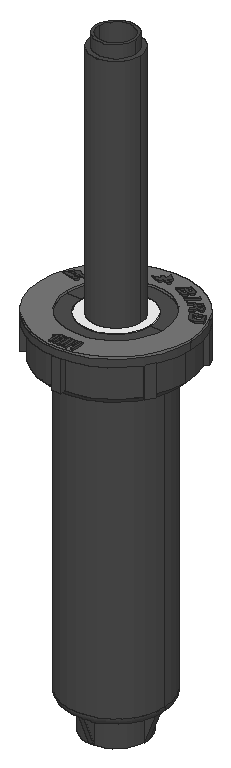
Revit family "Spray Bodies RD1800-S-P-45-F Series", category Acessórios do tubo, Revit 2020
Family settings
  Cota do conector redondo = Utilizar diâmetro
  Tipo de parte = Normal
  Número OmniClass = 23.60.30.11.14
  Título OmniClass = Pipework Fittings
  Com base no plano de trabalho = Não
  Sempre na vertical = Sim
  Corte com vazios quando carregada = Não
  Compartilhado = Não
Parameters (values of type "RD1804-S-P-45-F")
  White Plastic = White Plastic
  URL = "https://www.rainbird.com/"
  SupportProjetos: Reviw Date = "15/11/2020"  # constant formula
  SupportProjetos: Reviw = "R01"  # constant formula
  SupportProjetos: Level of Detail = "LOD 300"  # constant formula
  SupportProjetos: Developed = "MICHEL SOARES MOTA"  # constant formula
  SupportProjetos: Creation Date = "13/07/2020"  # constant formula
  Side inlet = Model > 1805  # no
  RainBird: Product Link = "https://store.rainbird.com/sprinklers/spray-heads.html?sprays_sprayheadseries=117"
  RainBird: Description = "Spray Bodies Serie RD1800 - Model RD1804-S-P-45-F"
  RainBird: Comment [instance] = ""
  RT = 0.3015 cm
  RN = 1 cm
  R5 = 1 cm
  R4 = 1.25 cm
  R3 = 2 cm
  R2 = 2.85 cm
  R1 = 1 cm
  R-VAN = yes
  Pop up height = 10.2 cm
  Pop up on [instance] = yes
  Modelo = "RD1804-S-P-45-F"
  Model = 1804
  H1 = Body height / 3  # 5.0667 cm
  Elevação padrão = 0 cm
  Descrição = RainBird: Description  # "Spray Bodies Serie RD1800 - Model RD1804-S-P-45-F"
  DT8 = 0.08 cm
  DT7 = 3.05 cm
  DT6 = 2 cm
  DT5 = 0.12 cm
  DT4 = 0.5 cm
  DT3 = 0.7973 cm
  DT2 = 1 cm
  DT1 = 1.4 cm
  DD9 = 1.3673 cm
  DD8 [instance] = if(Pop up on, Pop up height, 0 cm)  # 10.2 cm
  DD7 = 0.6 cm
  DD6 = 0.3 cm
  DD5 = 0.2 cm
  DD3 = 1.8 cm
  DD2 = 0.5 cm
  DD13 = 1.5 cm
  DD12 [instance] = if(Pop up on, Pop up height + 1.51 cm, 0 cm)  # 11.71 cm
  DD11 = 0.2 cm
  DD10 = 2.7818 cm
  DD1 = 1.2 cm
  Conection = 1.91 cm  # constant formula
  Body height = 15.2 cm
  Black Plastic 2 = Black Plastic 2
  Black Plastic = Black Plastic
  Arch Angle [instance] = 180.00°
  AA1 = 135.00°
  1812 = no
  1806 = no
  1804 = yes
  180 = yes
Types (4, lengths in cm): name | Side inlet | RainBird: Description | Pop up height | Modelo | Model | H1 | Descrição | DD9 | DD8 | DD12 | DD11 | DD10 | Body height | 1812 | 1806 | 1804 | 180
  (no name) | no | "Spray Bodies Serie RD1800 - Model RD1804-S-P-45-F" | 10.2 | "RD1804-S-P-45-F" | 1804 | 5.0667 | "Spray Bodies Serie RD1800 - Model RD1804-S-P-45-F" | 1.3673 | 10.2 | 11.71 | 0.2 | 2.7818 | 15.2 | no | no | yes | yes
  RD1804-S-P-45-F | no | "Spray Bodies Serie RD1800 - Model RD1804-S-P-45-F" | 10.2 | "RD1804-S-P-45-F" | 1804 | 5.0667 | "Spray Bodies Serie RD1800 - Model RD1804-S-P-45-F" | 1.3673 | 10.2 | 11.71 | 0.2 | 2.7818 | 15.2 | no | no | yes | yes
  RD1806-S-P45-F | yes | "Spray Bodies Serie RD1800 - Model RD1806-S-P-45-F" | 15.2 | "RD1806-S-P-45-F" | 1806 | 7.9333 | "Spray Bodies Serie RD1800 - Model RD1806-S-P-45-F" | 1.3673 | 15.2 | 16.71 | 0.1 | 2.7818 | 23.8 | no | yes | no | yes
  RD1812-S-P-45-F | yes | "Spray Bodies Serie ED1800 - Model RD1812-S-P-45-F" | 30.5 | "RD1812-S-P-P45-F" | 1812 | 13.5333 | "Spray Bodies Serie ED1800 - Model RD1812-S-P-45-F" | 2 | 30.5 | 32.01 | 0.6254 | 2.5 | 40.6 | yes | no | no | no
Reference planes (cm)
  plane 1 "Centro (Frente/Trás)": y = 0
  plane 2: z = 0
  plane 3 "Centro (Esquerda/Direita)": x = 0
  plane 4: z = 0.12
  plane 5: z = 0.08
  plane 6: y = -2
Forms (cm)
  Revolve 1, solid, material "Black Plastic" <- "Black Plastic"
    sketch origin (0, 0, 0) x (1, 0, 0) y (0, 0, 1)
      loop
        line (2.85, -1.5672) -> (2.85, -0.3) -> (3.05, -0.3) -> (3.05, 0) -> (1.4, 0) -> (1.4, -1) -> (1, -1) -> (1, -10.2) -> (0.6, -10.2) -> (0.6, -14) -> (1, -14) -> (1, -15.2) -> (1.25, -15.2) -> (1.25, -14) -> (1.6985, -14)
        arc (1.6985, -14) -> (1.9117, -13.9117) -> (2, -13.6985) r 0.3015
        line (2, -13.6985) -> (2, -2.1015)
        arc (2, -2.1015) -> (2.0883, -1.8883) -> (2.3015, -1.8) r 0.3015
        line (2.3015, -1.8) -> (2.6172, -1.8) -> (2.85, -1.5672)
      axis (0, -15.2) -> (0, 0)
    angle from 0 to 360
  Extrusion 2, solid, material "Black Plastic" <- "Black Plastic"
    sketch origin (0, 0, 0) x (1, 0, 0) y (0, 1, 0)
      loop
        circle (0, 0) r 1
    from -10.2 to 10.2
  Extrusion 3, void
    sketch origin (0, 0, 0) x (1, 0, 0) y (0, 1, 0)
      loop
        circle (0, 0) r 1
      loop
        circle (0, 0) r 0.7973
    from 9.7 to 10.2
  Extrusion 4, solid, material "Black Plastic" <- "Black Plastic", visible <- "180"
    sketch origin (0, -2.5, 0) x (1, 0, 0) y (0, 1, 0)
      loop
        line (-2.231, 3.2135) -> (-2.1644, 3.3339) -> (-2.3679, 3.3844) -> (-2.2992, 3.5085) -> (-2.0365, 3.4904) -> (-1.9715, 3.608) -> (-2.2887, 3.6298) -> (-2.4263, 3.706) -> (-2.6398, 3.6445) -> (-2.8298, 3.3622) -> (-2.231, 3.2135)
      loop
        line (-2.6663, 3.4585) -> (-2.4339, 3.4008) -> (-2.3526, 3.5478) -> (-2.4178, 3.6107) -> (-2.5587, 3.5701) -> (-2.6663, 3.4585)
      loop
        line (-1.9163, 3.7039) -> (-1.8175, 3.8064) -> (-1.8808, 3.8933) -> (-1.7232, 4.0568) -> (-1.6371, 4.0092) -> (-1.5763, 4.1193) -> (-2.1283, 4.1963) -> (-2.2118, 4.1098) -> (-1.9163, 3.7039)
      loop
        line (-2.0723, 4.0915) -> (-1.9537, 3.9286) -> (-1.8139, 4.0736) -> (-2.0723, 4.0915)
      loop
        line (-1.8177, 4.5186) -> (-1.3486, 4.2146) -> (-1.2727, 4.2934) -> (-1.7417, 4.5974) -> (-1.8177, 4.5186)
      loop
        line (-1.1151, 4.372) -> (-1.0305, 4.4599) -> (-1.2636, 4.6846) -> (-0.7593, 4.6142) -> (-0.6667, 4.7103) -> (-1.0803, 5.0567) -> (-1.1605, 4.9984) -> (-0.8466, 4.7354) -> (-1.4131, 4.8145) -> (-1.5049, 4.7477) -> (-1.1151, 4.372)
      loop
        line (-0.4562, 4.9237) -> (-0.283, 4.8466) -> (-0.0843, 4.7934) -> (0, 4.9138) -> (0.2358, 4.8722) -> (0.2981, 4.9345) -> (0.116, 5.0156) -> (0.2085, 5.1477) -> (-0.0336, 5.3172) -> (-0.0336, 5.1849) -> (-0.0336, 5.0821) -> (-0.1724, 5.1439) -> (-0.2428, 5.1033) -> (-0.1476, 5.0081) -> (-0.274, 4.9621) -> (-0.4562, 4.9237)
      loop
        line (0.6147, 4.7728) -> (0.9327, 4.5929) -> (1.0885, 4.5721) -> (1.1808, 4.6694) -> (1.1317, 4.7723) -> (1.2619, 4.7549) -> (1.334, 4.8309) -> (1.2754, 4.9539) -> (0.9573, 5.1338) -> (0.6147, 4.7728)
      loop
        line (0.8462, 4.8897) -> (0.7501, 4.7884) -> (0.9556, 4.6722) -> (1.0744, 4.6732) -> (1.0734, 4.7801) -> (0.8462, 4.8897)
      loop
        line (0.9989, 5.0507) -> (0.9222, 4.9699) -> (1.1173, 4.8595) -> (1.2037, 4.8602) -> (1.1883, 4.9435) -> (0.9989, 5.0507)
      loop
        line (1.2199, 4.4305) -> (1.3171, 4.3754) -> (1.7079, 4.7092) -> (1.6106, 4.7642) -> (1.2199, 4.4305)
      loop
        line (1.9335, 4.5079) -> (1.472, 4.2878) -> (1.5637, 4.2008) -> (1.7245, 4.2775) -> (1.8813, 4.1484) -> (1.7689, 4.0299) -> (1.857, 3.9063) -> (1.985, 3.9976) -> (2.0031, 4.1334) -> (2.1114, 4.0951) -> (2.2369, 4.155) -> (2.156, 4.3246) -> (1.9335, 4.5079)
      loop
        line (1.9261, 4.4053) -> (1.8225, 4.3559) -> (1.9436, 4.2141) -> (2.1112, 4.2155) -> (2.0556, 4.3321) -> (1.9261, 4.4053)
      loop
        line (1.9557, 3.8215) -> (2.1968, 3.4836) -> (2.3925, 3.4143) -> (2.7137, 3.5675) -> (2.6804, 3.6964) -> (2.4921, 3.9603) -> (1.9557, 3.8215)
      loop
        line (2.1302, 3.7523) -> (2.2577, 3.5736) -> (2.4889, 3.5756) -> (2.5959, 3.652) -> (2.4629, 3.8384) -> (2.1302, 3.7523)
      loop
        line (-0.516, -0.0627) -> (-0.4245, -0.0627) -> (-0.4245, -0.3834) -> (-0.3366, -0.3834) -> (-0.3366, 0.1166) -> (-0.516, -0.0627)
      loop
        line (-0.2745, 0.1165) -> (-0.2745, -0.3834) -> (-0.0345, -0.3834) -> (-0.0345, 0.1165) -> (-0.2745, 0.1165)
      loop
        line (-0.1945, 0.0365) -> (-0.1945, -0.0861) -> (-0.1145, -0.0861) -> (-0.1145, 0.0365) -> (-0.1945, 0.0365)
      loop
        line (-0.1945, -0.1661) -> (-0.1945, -0.3034) -> (-0.1145, -0.3034) -> (-0.1145, -0.1661) -> (-0.1945, -0.1661)
      loop
        line (0.0395, 0.1165) -> (0.0395, -0.3834) -> (0.2795, -0.3834) -> (0.2795, 0.1165) -> (0.0395, 0.1165)
      loop
        line (0.1195, 0.0365) -> (0.1195, -0.3034) -> (0.1995, -0.3034) -> (0.1995, 0.0365) -> (0.1195, 0.0365)
    from 0 to 0.12
  Extrusion 5, solid, material "Black Plastic 2" <- "Black Plastic 2"
    sketch origin (0, 0, 0) x (1, 0, 0) y (0, 1, 0)
      loop
        circle (0, 0) r 3.05
      loop
        circle (0, 0) r 2
    from 0 to 0.08
  Extrusion 6, solid, material "Black Plastic" <- "Black Plastic", visible <- "Side inlet"
    sketch origin (0, 0, 0) x (1, 0, 0) y (0, 0, 1)
      loop
        circle (0, -5.0667) r 1
    from 2 to 3.3673
  Extrusion 7, solid, material "Black Plastic" <- "Black Plastic", visible <- "Side inlet"
    sketch origin (0, 0, 0) x (1, 0, 0) y (0, 0, 1)
      loop
        circle (0, -5.0667) r 0.7964
    from 3.3673 to 3.8673
  Extrusion 8, void
    sketch origin (0, 0, 0) x (1, 0, 0) y (0, 1, 0)
      loop
        circle (0, 0) r 0.6963
    from -10.2 to 10.2
  Extrusion 9, solid, material "Black Plastic" <- "Black Plastic"
    sketch origin (0, 0, 0) x (0, 1, 0) y (0, 0, 1)
      loop
        line (1.25, -14) -> (1.25, -15.2) -> (1.75, -14) -> (1.25, -14)
      loop
        line (-1.25, -14) -> (-1.75, -14) -> (-1.25, -15.2) -> (-1.25, -14)
    from -0.1 to 0.1
  Extrusion 10, solid, material "Black Plastic" <- "Black Plastic"
    sketch origin (0, 0, 0) x (-1, 0, 0) y (0, 0, 1)
      loop
        line (1.25, -14) -> (1.25, -15.2) -> (1.75, -14) -> (1.25, -14)
      loop
        line (-1.25, -14) -> (-1.75, -14) -> (-1.25, -15.2) -> (-1.25, -14)
    from -0.1 to 0.1
  Extrusion 11, solid, material "Black Plastic" <- "Black Plastic", visible <- "1804"
    sketch origin (0.5778, -2.5, 0) x (1, 0, 0) y (0, 1, 0)
      loop
        line (-0.268, -0.156) -> (-0.108, -0.156) -> (-0.108, -0.3834) -> (-0.024, -0.3834) -> (-0.024, 0.1165) -> (-0.108, 0.1165) -> (-0.108, -0.0861) -> (-0.188, -0.0861) -> (-0.188, 0.1165) -> (-0.268, 0.1165) -> (-0.268, -0.156)
    from 0 to 0.12
  Extrusion 12, solid, material "Black Plastic" <- "Black Plastic", visible <- "1806"
    sketch origin (0.5778, -2.5, 0) x (1, 0, 0) y (0, 1, 0)
      loop
        line (-0.268, -0.3834) -> (-0.024, -0.3834) -> (-0.024, -0.0861) -> (-0.188, -0.0861) -> (-0.188, 0.0365) -> (-0.024, 0.0365) -> (-0.024, 0.1165) -> (-0.268, 0.1165) -> (-0.268, -0.3834)
      loop
        line (-0.188, -0.1661) -> (-0.188, -0.3034) -> (-0.108, -0.3034) -> (-0.108, -0.1661) -> (-0.188, -0.1661)
    from 0 to 0.12
  Extrusion 13, solid, material "Black Plastic" <- "Black Plastic", visible <- "1812"
    sketch origin (0, -2.5, 0) x (1, 0, 0) y (0, 1, 0)
      loop
        line (-2.231, 3.2135) -> (-2.1644, 3.3339) -> (-2.3679, 3.3844) -> (-2.2992, 3.5085) -> (-2.0365, 3.4904) -> (-1.9715, 3.608) -> (-2.2887, 3.6298) -> (-2.4263, 3.706) -> (-2.6398, 3.6445) -> (-2.8298, 3.3622) -> (-2.231, 3.2135)
      loop
        line (-2.6663, 3.4585) -> (-2.4339, 3.4008) -> (-2.3526, 3.5478) -> (-2.4178, 3.6107) -> (-2.5587, 3.5701) -> (-2.6663, 3.4585)
      loop
        line (-1.9163, 3.7039) -> (-1.8175, 3.8064) -> (-1.8808, 3.8933) -> (-1.7232, 4.0568) -> (-1.6371, 4.0092) -> (-1.5763, 4.1193) -> (-2.1283, 4.1963) -> (-2.2118, 4.1098) -> (-1.9163, 3.7039)
      loop
        line (-2.0723, 4.0915) -> (-1.9537, 3.9286) -> (-1.8139, 4.0736) -> (-2.0723, 4.0915)
      loop
        line (-1.8177, 4.5186) -> (-1.3486, 4.2146) -> (-1.2727, 4.2934) -> (-1.7417, 4.5974) -> (-1.8177, 4.5186)
      loop
        line (-1.1151, 4.372) -> (-1.0305, 4.4599) -> (-1.2636, 4.6846) -> (-0.7593, 4.6142) -> (-0.6667, 4.7103) -> (-1.0803, 5.0567) -> (-1.1605, 4.9984) -> (-0.8466, 4.7354) -> (-1.4131, 4.8145) -> (-1.5049, 4.7477) -> (-1.1151, 4.372)
      loop
        line (-0.4562, 4.9237) -> (-0.283, 4.8466) -> (-0.0843, 4.7934) -> (0, 4.9138) -> (0.2358, 4.8722) -> (0.2981, 4.9345) -> (0.116, 5.0156) -> (0.2085, 5.1477) -> (-0.0336, 5.3172) -> (-0.0336, 5.1849) -> (-0.0336, 5.0821) -> (-0.1724, 5.1439) -> (-0.2428, 5.1033) -> (-0.1476, 5.0081) -> (-0.274, 4.9621) -> (-0.4562, 4.9237)
      loop
        line (0.6147, 4.7728) -> (0.9327, 4.5929) -> (1.0885, 4.5721) -> (1.1808, 4.6694) -> (1.1317, 4.7723) -> (1.2619, 4.7549) -> (1.334, 4.8309) -> (1.2754, 4.9539) -> (0.9573, 5.1338) -> (0.6147, 4.7728)
      loop
        line (0.8462, 4.8897) -> (0.7501, 4.7884) -> (0.9556, 4.6722) -> (1.0744, 4.6732) -> (1.0734, 4.7801) -> (0.8462, 4.8897)
      loop
        line (0.9989, 5.0507) -> (0.9222, 4.9699) -> (1.1173, 4.8595) -> (1.2037, 4.8602) -> (1.1883, 4.9435) -> (0.9989, 5.0507)
      loop
        line (1.2199, 4.4305) -> (1.3171, 4.3754) -> (1.7079, 4.7092) -> (1.6106, 4.7642) -> (1.2199, 4.4305)
      loop
        line (1.9335, 4.5079) -> (1.472, 4.2878) -> (1.5637, 4.2008) -> (1.7245, 4.2775) -> (1.8813, 4.1484) -> (1.7689, 4.0299) -> (1.857, 3.9063) -> (1.985, 3.9976) -> (2.0031, 4.1334) -> (2.1114, 4.0951) -> (2.2369, 4.155) -> (2.156, 4.3246) -> (1.9335, 4.5079)
      loop
        line (1.9261, 4.4053) -> (1.8225, 4.3559) -> (1.9436, 4.2141) -> (2.1112, 4.2155) -> (2.0556, 4.3321) -> (1.9261, 4.4053)
      loop
        line (1.9557, 3.8215) -> (2.1968, 3.4836) -> (2.3925, 3.4143) -> (2.7137, 3.5675) -> (2.6804, 3.6964) -> (2.4921, 3.9603) -> (1.9557, 3.8215)
      loop
        line (2.1302, 3.7523) -> (2.2577, 3.5736) -> (2.4889, 3.5756) -> (2.5959, 3.652) -> (2.4629, 3.8384) -> (2.1302, 3.7523)
      loop
        line (-0.516, -0.0625) -> (-0.4245, -0.0625) -> (-0.4245, -0.3832) -> (-0.3366, -0.3832) -> (-0.3366, 0.1168) -> (-0.516, -0.0625)
      loop
        line (-0.2745, 0.1166) -> (-0.2745, -0.3832) -> (-0.0345, -0.3832) -> (-0.0345, 0.1166) -> (-0.2745, 0.1166)
      loop
        line (-0.1945, 0.0366) -> (-0.1945, -0.086) -> (-0.1145, -0.086) -> (-0.1145, 0.0366) -> (-0.1945, 0.0366)
      loop
        line (-0.1945, -0.166) -> (-0.1945, -0.3032) -> (-0.1145, -0.3032) -> (-0.1145, -0.166) -> (-0.1945, -0.166)
      loop
        line (0.2795, 0.1166) -> (0.1002, -0.0625) -> (0.1916, -0.0625) -> (0.1916, -0.3831) -> (0.2795, -0.3831) -> (0.2795, 0.1166)
      loop
        line (0.3097, 0.1165) -> (0.3097, 0.0365) -> (0.4697, 0.0365) -> (0.4697, -0.0861) -> (0.3097, -0.0861) -> (0.3097, -0.3834) -> (0.5537, -0.3834) -> (0.5537, -0.3032) -> (0.3897, -0.3032) -> (0.3897, -0.1664) -> (0.5537, -0.1664) -> (0.5537, 0.1165) -> (0.3097, 0.1165)
    from 0 to 0.12
  Extrusion 14, solid, material "Black Plastic" <- "Black Plastic"
    sketch origin (0, 0, 0) x (1, 0, 0) y (0, 1, 0)
      loop
        line (-0.1873, 3.0442) -> (-0.1873, 2.8126)
        arc (-0.1873, 2.8126) -> (0, 2.8188) -> (0.1873, 2.8126) r 2.8188
        line (0.1873, 2.8126) -> (0.1873, 3.0442)
        arc (0.1873, 3.0442) -> (0, 3.05) -> (-0.1873, 3.0442) r 3.05
      loop
        arc (-0.1873, -3.0442) -> (0, -3.05) -> (0.1873, -3.0442) r 3.05
        line (0.1873, -3.0442) -> (0.1873, -2.8126)
        arc (0.1873, -2.8126) -> (0, -2.8188) -> (-0.1873, -2.8126) r 2.8188
        line (-0.1873, -2.8126) -> (-0.1873, -3.0442)
      loop
        line (-2.73, 1.3599) -> (-2.5294, 1.2441)
        arc (-2.5294, 1.2441) -> (-2.4411, 1.4094) -> (-2.3421, 1.5685) r 2.8188
        line (-2.3421, 1.5685) -> (-2.5427, 1.6843)
        arc (-2.5427, 1.6843) -> (-2.6414, 1.525) -> (-2.73, 1.3599) r 3.05
      loop
        arc (2.5427, -1.6843) -> (2.6414, -1.525) -> (2.73, -1.3599) r 3.05
        line (2.73, -1.3599) -> (2.5294, -1.2441)
        arc (2.5294, -1.2441) -> (2.4411, -1.4094) -> (2.3421, -1.5685) r 2.8188
        line (2.3421, -1.5685) -> (2.5427, -1.6843)
      loop
        line (-2.5427, -1.6843) -> (-2.3421, -1.5685)
        arc (-2.3421, -1.5685) -> (-2.4411, -1.4094) -> (-2.5294, -1.2441) r 2.8188
        line (-2.5294, -1.2441) -> (-2.73, -1.3599)
        arc (-2.73, -1.3599) -> (-2.6414, -1.525) -> (-2.5427, -1.6843) r 3.05
      loop
        arc (2.73, 1.3599) -> (2.6414, 1.525) -> (2.5427, 1.6843) r 3.05
        line (2.5427, 1.6843) -> (2.3421, 1.5685)
        arc (2.3421, 1.5685) -> (2.4411, 1.4094) -> (2.5294, 1.2441) r 2.8188
        line (2.5294, 1.2441) -> (2.73, 1.3599)
    from -1.5672 to -0.3
Cuts and joins
  Extrusion 3, Extrusion 8 cuts Extrusion 2
Dimensions and locks (cm)
  "Body height": level to Revolve 1 sketch curve
  "R2": Revolve 1 sketch curve to plane 3 "Centro (Esquerda/Direita)"
  "DD1": Revolve 1 sketch curve to Revolve 1 sketch curve
  "DD3": level to Revolve 1 sketch curve
  "R3": Revolve 1 sketch curve to plane 3 "Centro (Esquerda/Direita)"
  "R4": Revolve 1 sketch curve to plane 3 "Centro (Esquerda/Direita)"
  "DD5": Revolve 1 sketch curve to Revolve 1 sketch curve
  "DD6": level to Revolve 1 sketch curve
  "RN": Revolve 1 sketch curve to plane 3 "Centro (Esquerda/Direita)"
  "Pop up height": level to Revolve 1 sketch curve
  "R5": plane 3 "Centro (Esquerda/Direita)" to Revolve 1 sketch curve
  "DD7": Revolve 1 sketch curve to plane 3 "Centro (Esquerda/Direita)"
  "DT1": plane 3 "Centro (Esquerda/Direita)" to Revolve 1 sketch curve
  "DT2": level to Revolve 1 sketch curve
  "DD8": Extrusion 2 to level
  "DT4": cut or joined group of Extrusion 2, Extrusion 3, Extrusion 8 to cut or joined group of Extrusion 2, Extrusion 3, Extrusion 8
  "DT5": plane 4 to level
  "DT8": plane 5 to level
  "H1": level to Extrusion 6 sketch curve
  "R3": plane 6 to plane 1 "Centro (Frente/Trás)"
  "DD9": Extrusion 6 to plane 6
  locked: Extrusion 7 to Extrusion 6 at 0.5
  "H1": level to Extrusion 7 sketch curve
  equal spacing: Extrusion 9, plane 3 "Centro (Esquerda/Direita)", Extrusion 9
  "DD11": Extrusion 9 to Extrusion 9
  equal spacing: Extrusion 10, plane 1 "Centro (Frente/Trás)", Extrusion 10
  "DD11": Extrusion 10 to Extrusion 10
  plane 3 "Centro (Esquerda/Direita)" to Extrusion 14 = 0.1873 cm
  "RT": radius of Revolve 1 sketch curve  (x2)
  "R1": radius of Extrusion 2 sketch curve
  "R1": radius of Extrusion 3 sketch curve
  "DT3": radius of Extrusion 3 sketch curve
  "DT6": radius of Extrusion 5 sketch curve
  "DT7": radius of Extrusion 5 sketch curve
  "AA1": angle Revolve 1 sketch curve to Revolve 1 sketch curve
  aligned and locked: level to plane 2
  aligned and locked: level to Revolve 1 sketch curve
  aligned and locked: Revolve 1 sketch curve to Revolve 1 sketch curve
  aligned and locked: Extrusion 2 to Revolve 1
  aligned and locked: cut or joined group of Extrusion 2, Extrusion 3, Extrusion 8 to cut or joined group of Extrusion 2, Extrusion 3, Extrusion 8  (x3)
  aligned and locked: Extrusion 4 to level
  aligned and locked: plane 4 to Extrusion 4
  aligned and locked: Extrusion 5 to level
  aligned and locked: plane 5 to Extrusion 5
  aligned and locked: plane 6 to Extrusion 6
  aligned and locked: Extrusion 7 to Extrusion 6
  aligned and locked: Extrusion 9 to Revolve 1
  aligned and locked: Extrusion 10 to Revolve 1
  aligned and locked: Revolve 1 to Extrusion 10
  aligned and locked: Revolve 1 to Extrusion 9
  aligned and locked: Revolve 1 to Extrusion 14  (x2)
Automatic sketch dimensions
  plane 1 "Centro (Frente/Trás)" to Extrusion 2 sketch curve = 0 cm
  Extrusion 2 sketch curve to plane 3 "Centro (Esquerda/Direita)" = 0 cm
  Extrusion 4 sketch curve to plane 3 "Centro (Esquerda/Direita)" = 0 cm
  Extrusion 4 sketch curve to plane 3 "Centro (Esquerda/Direita)" = 0.0336 cm
  Extrusion 4 sketch curve to plane 3 "Centro (Esquerda/Direita)" = 0.0345 cm
  Extrusion 4 sketch curve to plane 3 "Centro (Esquerda/Direita)" = 0.0843 cm
  Extrusion 4 sketch curve to plane 3 "Centro (Esquerda/Direita)" = 0.1145 cm
  Extrusion 4 sketch curve to Extrusion 4 sketch curve = 0.08 cm  (x11)
  Extrusion 4 sketch curve to Extrusion 4 sketch curve = 0.114 cm
  Extrusion 4 sketch curve to Extrusion 4 sketch curve = 0.0248 cm
  Extrusion 4 sketch curve to Extrusion 4 sketch curve = 0.0704 cm
  Extrusion 4 sketch curve to Extrusion 4 sketch curve = 0.1264 cm
  Extrusion 4 sketch curve to Extrusion 4 sketch curve = 0.009 cm
  Extrusion 4 sketch curve to Extrusion 4 sketch curve = 0.0622 cm  (x3)
  Extrusion 4 sketch curve to Extrusion 4 sketch curve = 0.0879 cm
  Extrusion 4 sketch curve to Extrusion 4 sketch curve = 0.1822 cm
  Extrusion 4 sketch curve to Extrusion 4 sketch curve = 0.0914 cm
  Extrusion 4 sketch curve to Extrusion 4 sketch curve = 0.2105 cm
  Extrusion 4 sketch curve to Extrusion 4 sketch curve = 0.0927 cm
  Extrusion 4 sketch curve to Extrusion 4 sketch curve = 0.0872 cm  (x2)
  Extrusion 4 sketch curve to Extrusion 4 sketch curve = 0.2711 cm
  Extrusion 4 sketch curve to Extrusion 4 sketch curve = 0.2338 cm
  Extrusion 4 sketch curve to Extrusion 4 sketch curve = 0.0847 cm  (x2)
  Extrusion 4 sketch curve to Extrusion 4 sketch curve = 0.0802 cm
  Extrusion 4 sketch curve to Extrusion 4 sketch curve = 0.2331 cm
  Extrusion 4 sketch curve to Extrusion 4 sketch curve = 0.1575 cm
  Extrusion 4 sketch curve to Extrusion 4 sketch curve = 0.0759 cm  (x2)
  Extrusion 4 sketch curve to Extrusion 4 sketch curve = 0.1495 cm
  Extrusion 4 sketch curve to Extrusion 4 sketch curve = 0.0917 cm  (x2)
  Extrusion 4 sketch curve to Extrusion 4 sketch curve = 0.2277 cm
  Extrusion 4 sketch curve to Extrusion 4 sketch curve = 0.0609 cm  (x2)
  Extrusion 4 sketch curve to Extrusion 4 sketch curve = 0.0861 cm
  Extrusion 4 sketch curve to Extrusion 4 sketch curve = 0.2369 cm
  Extrusion 4 sketch curve to Extrusion 4 sketch curve = 0.0907 cm
  Extrusion 4 sketch curve to Extrusion 4 sketch curve = 0.0037 cm
  Extrusion 4 sketch curve to Extrusion 4 sketch curve = 0.0633 cm
  Extrusion 4 sketch curve to Extrusion 4 sketch curve = 0.0988 cm
  Extrusion 4 sketch curve to Extrusion 4 sketch curve = 0.0729 cm
  Extrusion 4 sketch curve to Extrusion 4 sketch curve = 0.0551 cm
  Extrusion 4 sketch curve to plane 1 "Centro (Frente/Trás)" = 0.9904 cm
  Extrusion 4 sketch curve to Extrusion 4 sketch curve = 0.065 cm
  Extrusion 4 sketch curve to Extrusion 4 sketch curve = 0.1186 cm
  Extrusion 4 sketch curve to Extrusion 4 sketch curve = 0.056 cm
  Extrusion 4 sketch curve to plane 1 "Centro (Frente/Trás)" = 0.8339 cm
  Extrusion 4 sketch curve to Extrusion 4 sketch curve = 0.1279 cm
  Extrusion 4 sketch curve to Extrusion 4 sketch curve = 0.0835 cm
  Extrusion 4 sketch curve to plane 1 "Centro (Frente/Trás)" = 0.7135 cm
  Extrusion 4 sketch curve to Extrusion 4 sketch curve = 0.0666 cm  (x2)
  Extrusion 4 sketch curve to plane 1 "Centro (Frente/Trás)" = 1.1298 cm
  Extrusion 4 sketch curve to Extrusion 4 sketch curve = 0.2521 cm
  Extrusion 4 sketch curve to plane 1 "Centro (Frente/Trás)" = 1.0085 cm
  Extrusion 4 sketch curve to Extrusion 4 sketch curve = 0.0106 cm
  Extrusion 4 sketch curve to plane 1 "Centro (Frente/Trás)" = 1.0478 cm
  Extrusion 4 sketch curve to Extrusion 4 sketch curve = 0.0534 cm
  Extrusion 4 sketch curve to plane 1 "Centro (Frente/Trás)" = 0.8844 cm
  Extrusion 4 sketch curve to Extrusion 4 sketch curve = 0.0686 cm
  Extrusion 4 sketch curve to plane 1 "Centro (Frente/Trás)" = 1.1107 cm
  Extrusion 4 sketch curve to Extrusion 4 sketch curve = 0.0652 cm
  Extrusion 4 sketch curve to plane 1 "Centro (Frente/Trás)" = 1.206 cm
  Extrusion 4 sketch curve to Extrusion 4 sketch curve = 0.0084 cm
  Extrusion 4 sketch curve to plane 1 "Centro (Frente/Trás)" = 0.9008 cm
  Extrusion 4 sketch curve to Extrusion 4 sketch curve = 0.066 cm
  Extrusion 4 sketch curve to plane 1 "Centro (Frente/Trás)" = 1.0701 cm
  Extrusion 4 sketch curve to Extrusion 4 sketch curve = 0.1408 cm
  Extrusion 4 sketch curve to plane 1 "Centro (Frente/Trás)" = 1.1445 cm
  Extrusion 4 sketch curve to Extrusion 4 sketch curve = 0.0811 cm  (x2)
  Extrusion 4 sketch curve to plane 1 "Centro (Frente/Trás)" = 0.9585 cm
  Extrusion 4 sketch curve to Extrusion 4 sketch curve = 0.1076 cm
  Extrusion 4 sketch curve to plane 1 "Centro (Frente/Trás)" = 0.8622 cm
  Extrusion 4 sketch curve to Extrusion 4 sketch curve = 0.1635 cm
  plane 3 "Centro (Esquerda/Direita)" to Extrusion 4 sketch curve = 0.0395 cm
  plane 3 "Centro (Esquerda/Direita)" to Extrusion 4 sketch curve = 0.116 cm
  Extrusion 4 sketch curve to Extrusion 4 sketch curve = 0.0925 cm
  Extrusion 4 sketch curve to Extrusion 4 sketch curve = 0.1199 cm
  Extrusion 4 sketch curve to Extrusion 4 sketch curve = 0.3166 cm
  Extrusion 4 sketch curve to Extrusion 4 sketch curve = 0.1353 cm
  Extrusion 4 sketch curve to Extrusion 4 sketch curve = 0.0961 cm  (x2)
  Extrusion 4 sketch curve to Extrusion 4 sketch curve = 0.076 cm  (x2)
  Extrusion 4 sketch curve to Extrusion 4 sketch curve = 0.1827 cm
  Extrusion 4 sketch curve to Extrusion 4 sketch curve = 0.0229 cm
  Extrusion 4 sketch curve to Extrusion 4 sketch curve = 0.0351 cm
  Extrusion 4 sketch curve to Extrusion 4 sketch curve = 0.0416 cm
  Extrusion 4 sketch curve to Extrusion 4 sketch curve = 0.1178 cm
  Extrusion 4 sketch curve to Extrusion 4 sketch curve = 0.0009 cm
  Extrusion 4 sketch curve to Extrusion 4 sketch curve = 0.0141 cm
  Extrusion 4 sketch curve to Extrusion 4 sketch curve = 0.0439 cm
  Extrusion 4 sketch curve to Extrusion 4 sketch curve = 0.0583 cm
  Extrusion 4 sketch curve to Extrusion 4 sketch curve = 0.1064 cm
  Extrusion 4 sketch curve to Extrusion 4 sketch curve = 0.071 cm
  Extrusion 4 sketch curve to Extrusion 4 sketch curve = 0.0154 cm
  Extrusion 4 sketch curve to Extrusion 4 sketch curve = 0.1314 cm
  Extrusion 4 sketch curve to Extrusion 4 sketch curve = 0.0871 cm
  Extrusion 4 sketch curve to Extrusion 4 sketch curve = 0.0973 cm  (x3)
  Extrusion 4 sketch curve to Extrusion 4 sketch curve = 0.0721 cm
  Extrusion 4 sketch curve to Extrusion 4 sketch curve = 0.1549 cm
  Extrusion 4 sketch curve to Extrusion 4 sketch curve = 0.2766 cm
  Extrusion 4 sketch curve to Extrusion 4 sketch curve = 0.1608 cm
  Extrusion 4 sketch curve to Extrusion 4 sketch curve = 0.0443 cm
  Extrusion 4 sketch curve to Extrusion 4 sketch curve = 0.098 cm
  Extrusion 4 sketch curve to Extrusion 4 sketch curve = 0.0882 cm
  Extrusion 4 sketch curve to Extrusion 4 sketch curve = 0.1125 cm
  Extrusion 4 sketch curve to Extrusion 4 sketch curve = 0.1036 cm
  Extrusion 4 sketch curve to Extrusion 4 sketch curve = 0.0073 cm
  Extrusion 4 sketch curve to Extrusion 4 sketch curve = 0.0623 cm
  Extrusion 4 sketch curve to Extrusion 4 sketch curve = 0.0987 cm
  Extrusion 4 sketch curve to Extrusion 4 sketch curve = 0.128 cm
  Extrusion 4 sketch curve to Extrusion 4 sketch curve = 0.0595 cm
  Extrusion 4 sketch curve to Extrusion 4 sketch curve = 0.1295 cm
  Extrusion 4 sketch curve to Extrusion 4 sketch curve = 0.0556 cm
  Extrusion 4 sketch curve to Extrusion 4 sketch curve = 0.1083 cm
  Extrusion 4 sketch curve to Extrusion 4 sketch curve = 0.1745 cm
  Extrusion 4 sketch curve to Extrusion 4 sketch curve = 0.1004 cm
  Extrusion 4 sketch curve to plane 1 "Centro (Frente/Trás)" = 0.9836 cm
  Extrusion 4 sketch curve to Extrusion 4 sketch curve = 0.1255 cm
  Extrusion 4 sketch curve to plane 1 "Centro (Frente/Trás)" = 1.0736 cm
  Extrusion 4 sketch curve to plane 1 "Centro (Frente/Trás)" = 0.9143 cm
  Extrusion 4 sketch curve to Extrusion 4 sketch curve = 0.1957 cm
  Extrusion 4 sketch curve to Extrusion 4 sketch curve = 0.2053 cm
  Extrusion 4 sketch curve to plane 1 "Centro (Frente/Trás)" = 1.0756 cm
  Extrusion 4 sketch curve to Extrusion 4 sketch curve = 0.0964 cm
  Extrusion 4 sketch curve to Extrusion 4 sketch curve = 0.0292 cm
  Extrusion 4 sketch curve to plane 1 "Centro (Frente/Trás)" = 1.152 cm
  Extrusion 4 sketch curve to Extrusion 4 sketch curve = 0.107 cm
  Extrusion 4 sketch curve to plane 1 "Centro (Frente/Trás)" = 1.1964 cm
  Extrusion 4 sketch curve to Extrusion 4 sketch curve = 0.0844 cm
  Extrusion 4 sketch curve to plane 1 "Centro (Frente/Trás)" = 1.0675 cm
  Extrusion 4 sketch curve to Extrusion 4 sketch curve = 0.0333 cm
  Extrusion 4 sketch curve to plane 6 = 0.3834 cm
  Extrusion 4 sketch curve to Extrusion 4 sketch curve = 0.0001 cm
  Extrusion 4 sketch curve to Extrusion 4 sketch curve = 0 cm  (x4)
  Extrusion 4 sketch curve to Extrusion 4 sketch curve = 0.1793 cm
  Extrusion 4 sketch curve to Extrusion 4 sketch curve = 0.1226 cm
  Extrusion 4 sketch curve to Extrusion 4 sketch curve = 0.1372 cm
  Extrusion 4 sketch curve to Extrusion 4 sketch curve = 0.1176 cm
  Extrusion 4 sketch curve to Extrusion 4 sketch curve = 0.096 cm
  Extrusion 4 sketch curve to Extrusion 4 sketch curve = 0.1787 cm
  Extrusion 4 sketch curve to Extrusion 4 sketch curve = 0.1025 cm
  Extrusion 4 sketch curve to Extrusion 4 sketch curve = 0.0692 cm
  Extrusion 4 sketch curve to Extrusion 4 sketch curve = 0.0869 cm
  Extrusion 4 sketch curve to Extrusion 4 sketch curve = 0.0353 cm
  Extrusion 4 sketch curve to Extrusion 4 sketch curve = 0.1219 cm
  Extrusion 4 sketch curve to Extrusion 4 sketch curve = 0.0913 cm
  Extrusion 4 sketch curve to Extrusion 4 sketch curve = 0.1159 cm
  Extrusion 4 sketch curve to Extrusion 4 sketch curve = 0.0476 cm
  Extrusion 4 sketch curve to Extrusion 4 sketch curve = 0.0168 cm
  Extrusion 4 sketch curve to Extrusion 4 sketch curve = 0.1629 cm
  Extrusion 4 sketch curve to Extrusion 4 sketch curve = 0.0975 cm
  Extrusion 4 sketch curve to Extrusion 4 sketch curve = 0.0183 cm
  Extrusion 4 sketch curve to Extrusion 4 sketch curve = 0.0383 cm
  Extrusion 4 sketch curve to Extrusion 4 sketch curve = 0.015 cm
  Extrusion 4 sketch curve to Extrusion 4 sketch curve = 0.0599 cm
  Extrusion 4 sketch curve to Extrusion 4 sketch curve = 0.1049 cm
  Extrusion 4 sketch curve to Extrusion 4 sketch curve = 0.1709 cm
  Extrusion 4 sketch curve to Extrusion 4 sketch curve = 0.0657 cm
  Extrusion 4 sketch curve to Extrusion 4 sketch curve = 0.0953 cm
  Extrusion 4 sketch curve to Extrusion 4 sketch curve = 0.1091 cm
  Extrusion 4 sketch curve to Extrusion 4 sketch curve = 0.0767 cm
  Extrusion 4 sketch curve to Extrusion 4 sketch curve = 0.087 cm
  Extrusion 4 sketch curve to Extrusion 4 sketch curve = 0.0788 cm  (x3)
  Extrusion 4 sketch curve to Extrusion 4 sketch curve = 0.0074 cm
  Extrusion 4 sketch curve to Extrusion 4 sketch curve = 0.0783 cm
  Extrusion 4 sketch curve to Extrusion 4 sketch curve = 0.0787 cm
  Extrusion 4 sketch curve to Extrusion 4 sketch curve = 0.0876 cm
  Extrusion 4 sketch curve to Extrusion 4 sketch curve = 0.0494 cm
  Extrusion 4 sketch curve to Extrusion 4 sketch curve = 0.055 cm  (x2)
  Extrusion 4 sketch curve to Extrusion 4 sketch curve = 0.0878 cm
  Extrusion 4 sketch curve to Extrusion 4 sketch curve = 0.1026 cm
  Extrusion 4 sketch curve to Extrusion 4 sketch curve = 0.2291 cm
  Extrusion 4 sketch curve to Extrusion 4 sketch curve = 0.1417 cm
  Extrusion 4 sketch curve to Extrusion 4 sketch curve = 0.0208 cm
  Extrusion 4 sketch curve to Extrusion 4 sketch curve = 0.1543 cm
  Extrusion 4 sketch curve to Extrusion 4 sketch curve = 0.0792 cm
  Extrusion 4 sketch curve to Extrusion 4 sketch curve = 0.1011 cm
  Extrusion 4 sketch curve to Extrusion 4 sketch curve = 0.2013 cm
  Extrusion 4 sketch curve to Extrusion 4 sketch curve = 0.1212 cm
  Extrusion 4 sketch curve to Extrusion 4 sketch curve = 0.0855 cm
  Extrusion 4 sketch curve to Extrusion 4 sketch curve = 0.0078 cm
  Extrusion 4 sketch curve to Extrusion 4 sketch curve = 0.1007 cm
  Extrusion 4 sketch curve to Extrusion 4 sketch curve = 0.0156 cm
  Extrusion 4 sketch curve to Extrusion 4 sketch curve = 0.0831 cm
  Extrusion 4 sketch curve to Extrusion 4 sketch curve = 0.0668 cm
  Extrusion 4 sketch curve to Extrusion 4 sketch curve = 0.0532 cm
  Extrusion 4 sketch curve to Extrusion 4 sketch curve = 0.0008 cm
  Extrusion 4 sketch curve to Extrusion 4 sketch curve = 0.1013 cm
  Extrusion 4 sketch curve to Extrusion 4 sketch curve = 0.1204 cm
  Extrusion 4 sketch curve to Extrusion 4 sketch curve = 0.0771 cm
  Extrusion 4 sketch curve to Extrusion 4 sketch curve = 0.0832 cm  (x2)
  Extrusion 4 sketch curve to Extrusion 4 sketch curve = 0.0104 cm
  Extrusion 4 sketch curve to Extrusion 4 sketch curve = 0.1155 cm
  Extrusion 4 sketch curve to Extrusion 4 sketch curve = 0.0801 cm
  Extrusion 4 sketch curve to Extrusion 4 sketch curve = 0.1839 cm
  Extrusion 4 sketch curve to Extrusion 4 sketch curve = 0.046 cm
  Extrusion 4 sketch curve to Extrusion 4 sketch curve = 0.1018 cm
  Extrusion 4 sketch curve to Extrusion 4 sketch curve = 0.0808 cm
  Extrusion 4 sketch curve to Extrusion 4 sketch curve = 0.0584 cm
  Extrusion 4 sketch curve to Extrusion 4 sketch curve = 0.074 cm
  Extrusion 4 sketch curve to Extrusion 4 sketch curve = 0.0952 cm
  Extrusion 4 sketch curve to Extrusion 4 sketch curve = 0.0406 cm
  Extrusion 4 sketch curve to Extrusion 4 sketch curve = 0.1321 cm
  Extrusion 4 sketch curve to Extrusion 4 sketch curve = 0.1028 cm
  plane 1 "Centro (Frente/Trás)" to Extrusion 8 sketch curve = 0 cm
  Extrusion 8 sketch curve to plane 3 "Centro (Esquerda/Direita)" = 0 cm
  plane 6 to Extrusion 9 sketch curve = 0.25 cm
  plane 6 to Extrusion 9 sketch curve = 0.75 cm
  Extrusion 9 sketch curve to plane 1 "Centro (Frente/Trás)" = 1.25 cm
  Extrusion 9 sketch curve to Extrusion 9 sketch curve = 0.5 cm
  Extrusion 9 sketch curve to level = 15.2 cm
  Extrusion 9 sketch curve to Extrusion 9 sketch curve = 0 cm
  Extrusion 9 sketch curve to Extrusion 9 sketch curve = 1.2 cm  (x2)
  plane 3 "Centro (Esquerda/Direita)" to Extrusion 10 sketch curve = 1.75 cm
  plane 3 "Centro (Esquerda/Direita)" to Extrusion 10 sketch curve = 1.25 cm
  Extrusion 10 sketch curve to plane 3 "Centro (Esquerda/Direita)" = 1.25 cm
  Extrusion 10 sketch curve to Extrusion 10 sketch curve = 0.5 cm
  Extrusion 10 sketch curve to level = 15.2 cm
  Extrusion 10 sketch curve to Extrusion 10 sketch curve = 0 cm
  Extrusion 10 sketch curve to Extrusion 10 sketch curve = 1.2 cm  (x2)
  plane 3 "Centro (Esquerda/Direita)" to Extrusion 11 sketch curve = 0.3097 cm
  Extrusion 11 sketch curve to Extrusion 11 sketch curve = 0.08 cm  (x2)
  Extrusion 11 sketch curve to Extrusion 11 sketch curve = 0 cm  (x2)
  Extrusion 11 sketch curve to Extrusion 11 sketch curve = 0.084 cm
  Extrusion 11 sketch curve to plane 6 = 0.8834 cm
  Extrusion 11 sketch curve to Extrusion 11 sketch curve = 0.2273 cm
  Extrusion 11 sketch curve to Extrusion 11 sketch curve = 0.0699 cm
  Extrusion 11 sketch curve to Extrusion 11 sketch curve = 0.2026 cm
  plane 3 "Centro (Esquerda/Direita)" to Extrusion 12 sketch curve = 0.3097 cm
  Extrusion 12 sketch curve to Extrusion 12 sketch curve = 0.08 cm  (x6)
  Extrusion 12 sketch curve to Extrusion 12 sketch curve = 0.084 cm
  Extrusion 12 sketch curve to Extrusion 12 sketch curve = 0.164 cm
  Extrusion 12 sketch curve to plane 6 = 0.8834 cm
  Extrusion 12 sketch curve to Extrusion 12 sketch curve = 0.1372 cm
  Extrusion 12 sketch curve to Extrusion 12 sketch curve = 0.1226 cm
  Extrusion 13 sketch curve to plane 3 "Centro (Esquerda/Direita)" = 0 cm
  Extrusion 13 sketch curve to plane 3 "Centro (Esquerda/Direita)" = 0.0336 cm
  Extrusion 13 sketch curve to plane 3 "Centro (Esquerda/Direita)" = 0.0345 cm
  Extrusion 13 sketch curve to plane 3 "Centro (Esquerda/Direita)" = 0.0843 cm
  Extrusion 13 sketch curve to plane 3 "Centro (Esquerda/Direita)" = 0.1145 cm
  Extrusion 13 sketch curve to Extrusion 13 sketch curve = 0 cm  (x2)
  Extrusion 13 sketch curve to Extrusion 13 sketch curve = 0.114 cm
  Extrusion 13 sketch curve to Extrusion 13 sketch curve = 0.0248 cm
  Extrusion 13 sketch curve to Extrusion 13 sketch curve = 0.08 cm  (x8)
  Extrusion 13 sketch curve to Extrusion 13 sketch curve = 0.0704 cm
  Extrusion 13 sketch curve to Extrusion 13 sketch curve = 0.1264 cm
  Extrusion 13 sketch curve to Extrusion 13 sketch curve = 0.009 cm
  Extrusion 13 sketch curve to Extrusion 13 sketch curve = 0.0622 cm  (x3)
  Extrusion 13 sketch curve to Extrusion 13 sketch curve = 0.0879 cm  (x2)
  Extrusion 13 sketch curve to Extrusion 13 sketch curve = 0.1822 cm
  Extrusion 13 sketch curve to Extrusion 13 sketch curve = 0.0914 cm
  Extrusion 13 sketch curve to Extrusion 13 sketch curve = 0.2105 cm
  Extrusion 13 sketch curve to Extrusion 13 sketch curve = 0.0927 cm
  Extrusion 13 sketch curve to Extrusion 13 sketch curve = 0.0872 cm  (x2)
  Extrusion 13 sketch curve to Extrusion 13 sketch curve = 0.2711 cm
  Extrusion 13 sketch curve to Extrusion 13 sketch curve = 0.2338 cm
  Extrusion 13 sketch curve to Extrusion 13 sketch curve = 0.0847 cm  (x2)
  Extrusion 13 sketch curve to Extrusion 13 sketch curve = 0.0802 cm
  Extrusion 13 sketch curve to Extrusion 13 sketch curve = 0.2331 cm
  Extrusion 13 sketch curve to Extrusion 13 sketch curve = 0.1575 cm
  Extrusion 13 sketch curve to Extrusion 13 sketch curve = 0.0759 cm  (x2)
  Extrusion 13 sketch curve to Extrusion 13 sketch curve = 0.1495 cm
  Extrusion 13 sketch curve to Extrusion 13 sketch curve = 0.0917 cm  (x2)
  Extrusion 13 sketch curve to Extrusion 13 sketch curve = 0.2277 cm
  Extrusion 13 sketch curve to Extrusion 13 sketch curve = 0.0609 cm  (x2)
  Extrusion 13 sketch curve to Extrusion 13 sketch curve = 0.0861 cm
  Extrusion 13 sketch curve to Extrusion 13 sketch curve = 0.2369 cm
  Extrusion 13 sketch curve to Extrusion 13 sketch curve = 0.0907 cm
  Extrusion 13 sketch curve to Extrusion 13 sketch curve = 0.0037 cm
  Extrusion 13 sketch curve to Extrusion 13 sketch curve = 0.0633 cm
  Extrusion 13 sketch curve to Extrusion 13 sketch curve = 0.0988 cm
  Extrusion 13 sketch curve to Extrusion 13 sketch curve = 0.0729 cm
  Extrusion 13 sketch curve to Extrusion 13 sketch curve = 0.0551 cm
  Extrusion 13 sketch curve to plane 1 "Centro (Frente/Trás)" = 0.9904 cm
  Extrusion 13 sketch curve to Extrusion 13 sketch curve = 0.065 cm
  Extrusion 13 sketch curve to Extrusion 13 sketch curve = 0.1186 cm
  Extrusion 13 sketch curve to Extrusion 13 sketch curve = 0.056 cm
  Extrusion 13 sketch curve to plane 1 "Centro (Frente/Trás)" = 0.8339 cm
  Extrusion 13 sketch curve to Extrusion 13 sketch curve = 0.1279 cm
  Extrusion 13 sketch curve to Extrusion 13 sketch curve = 0.0835 cm
  Extrusion 13 sketch curve to plane 1 "Centro (Frente/Trás)" = 0.7135 cm
  Extrusion 13 sketch curve to Extrusion 13 sketch curve = 0.0666 cm  (x2)
  Extrusion 13 sketch curve to plane 1 "Centro (Frente/Trás)" = 1.1298 cm
  Extrusion 13 sketch curve to Extrusion 13 sketch curve = 0.2521 cm
  Extrusion 13 sketch curve to plane 1 "Centro (Frente/Trás)" = 1.0085 cm
  Extrusion 13 sketch curve to Extrusion 13 sketch curve = 0.0106 cm
  Extrusion 13 sketch curve to plane 1 "Centro (Frente/Trás)" = 1.0478 cm
  Extrusion 13 sketch curve to Extrusion 13 sketch curve = 0.0534 cm
  Extrusion 13 sketch curve to plane 1 "Centro (Frente/Trás)" = 0.8844 cm
  Extrusion 13 sketch curve to Extrusion 13 sketch curve = 0.0686 cm
  Extrusion 13 sketch curve to plane 1 "Centro (Frente/Trás)" = 1.1107 cm
  Extrusion 13 sketch curve to Extrusion 13 sketch curve = 0.0652 cm
  Extrusion 13 sketch curve to plane 1 "Centro (Frente/Trás)" = 1.206 cm
  Extrusion 13 sketch curve to Extrusion 13 sketch curve = 0.0084 cm
  Extrusion 13 sketch curve to plane 1 "Centro (Frente/Trás)" = 0.9008 cm
  Extrusion 13 sketch curve to Extrusion 13 sketch curve = 0.066 cm
  Extrusion 13 sketch curve to plane 1 "Centro (Frente/Trás)" = 1.0701 cm
  Extrusion 13 sketch curve to Extrusion 13 sketch curve = 0.1408 cm
  Extrusion 13 sketch curve to plane 1 "Centro (Frente/Trás)" = 1.1445 cm
  Extrusion 13 sketch curve to Extrusion 13 sketch curve = 0.0811 cm  (x2)
  Extrusion 13 sketch curve to plane 1 "Centro (Frente/Trás)" = 0.9585 cm
  Extrusion 13 sketch curve to Extrusion 13 sketch curve = 0.1076 cm
  Extrusion 13 sketch curve to plane 1 "Centro (Frente/Trás)" = 0.8622 cm
  Extrusion 13 sketch curve to Extrusion 13 sketch curve = 0.1635 cm
  plane 3 "Centro (Esquerda/Direita)" to Extrusion 13 sketch curve = 0.1002 cm
  plane 3 "Centro (Esquerda/Direita)" to Extrusion 13 sketch curve = 0.116 cm
  plane 3 "Centro (Esquerda/Direita)" to Extrusion 13 sketch curve = 0.1916 cm
  Extrusion 13 sketch curve to Extrusion 13 sketch curve = 0.0925 cm
  Extrusion 13 sketch curve to Extrusion 13 sketch curve = 0.1199 cm
  Extrusion 13 sketch curve to Extrusion 13 sketch curve = 0.0302 cm  (x2)
  Extrusion 13 sketch curve to Extrusion 13 sketch curve = 0.16 cm
  Extrusion 13 sketch curve to Extrusion 13 sketch curve = 0.164 cm
  Extrusion 13 sketch curve to Extrusion 13 sketch curve = 0.3166 cm
  Extrusion 13 sketch curve to Extrusion 13 sketch curve = 0.1353 cm
  Extrusion 13 sketch curve to Extrusion 13 sketch curve = 0.0961 cm  (x2)
  Extrusion 13 sketch curve to Extrusion 13 sketch curve = 0.076 cm  (x2)
  Extrusion 13 sketch curve to Extrusion 13 sketch curve = 0.1827 cm
  Extrusion 13 sketch curve to Extrusion 13 sketch curve = 0.0229 cm
  Extrusion 13 sketch curve to Extrusion 13 sketch curve = 0.0351 cm
  Extrusion 13 sketch curve to Extrusion 13 sketch curve = 0.0416 cm
  Extrusion 13 sketch curve to Extrusion 13 sketch curve = 0.1178 cm
  Extrusion 13 sketch curve to Extrusion 13 sketch curve = 0.0009 cm
  Extrusion 13 sketch curve to Extrusion 13 sketch curve = 0.0141 cm
  Extrusion 13 sketch curve to Extrusion 13 sketch curve = 0.0439 cm
  Extrusion 13 sketch curve to Extrusion 13 sketch curve = 0.0583 cm
  Extrusion 13 sketch curve to Extrusion 13 sketch curve = 0.1064 cm
  Extrusion 13 sketch curve to Extrusion 13 sketch curve = 0.071 cm
  Extrusion 13 sketch curve to Extrusion 13 sketch curve = 0.0154 cm
  Extrusion 13 sketch curve to Extrusion 13 sketch curve = 0.1314 cm
  Extrusion 13 sketch curve to Extrusion 13 sketch curve = 0.0871 cm
  Extrusion 13 sketch curve to Extrusion 13 sketch curve = 0.0973 cm  (x3)
  Extrusion 13 sketch curve to Extrusion 13 sketch curve = 0.0721 cm
  Extrusion 13 sketch curve to Extrusion 13 sketch curve = 0.1549 cm
  Extrusion 13 sketch curve to Extrusion 13 sketch curve = 0.2766 cm
  Extrusion 13 sketch curve to Extrusion 13 sketch curve = 0.1608 cm
  Extrusion 13 sketch curve to Extrusion 13 sketch curve = 0.0443 cm
  Extrusion 13 sketch curve to Extrusion 13 sketch curve = 0.098 cm
  Extrusion 13 sketch curve to Extrusion 13 sketch curve = 0.0882 cm
  Extrusion 13 sketch curve to Extrusion 13 sketch curve = 0.1125 cm
  Extrusion 13 sketch curve to Extrusion 13 sketch curve = 0.1036 cm
  Extrusion 13 sketch curve to Extrusion 13 sketch curve = 0.0073 cm
  Extrusion 13 sketch curve to Extrusion 13 sketch curve = 0.0623 cm
  Extrusion 13 sketch curve to Extrusion 13 sketch curve = 0.0987 cm
  Extrusion 13 sketch curve to Extrusion 13 sketch curve = 0.128 cm
  Extrusion 13 sketch curve to Extrusion 13 sketch curve = 0.0595 cm
  Extrusion 13 sketch curve to Extrusion 13 sketch curve = 0.1295 cm
  Extrusion 13 sketch curve to Extrusion 13 sketch curve = 0.0556 cm
  Extrusion 13 sketch curve to Extrusion 13 sketch curve = 0.1083 cm
  Extrusion 13 sketch curve to Extrusion 13 sketch curve = 0.1745 cm
  Extrusion 13 sketch curve to Extrusion 13 sketch curve = 0.1004 cm
  Extrusion 13 sketch curve to plane 1 "Centro (Frente/Trás)" = 0.9836 cm
  Extrusion 13 sketch curve to Extrusion 13 sketch curve = 0.1255 cm
  Extrusion 13 sketch curve to plane 1 "Centro (Frente/Trás)" = 1.0736 cm
  Extrusion 13 sketch curve to plane 1 "Centro (Frente/Trás)" = 0.9143 cm
  Extrusion 13 sketch curve to Extrusion 13 sketch curve = 0.1957 cm
  Extrusion 13 sketch curve to Extrusion 13 sketch curve = 0.2053 cm
  Extrusion 13 sketch curve to plane 1 "Centro (Frente/Trás)" = 1.0756 cm
  Extrusion 13 sketch curve to Extrusion 13 sketch curve = 0.0964 cm
  Extrusion 13 sketch curve to Extrusion 13 sketch curve = 0.0292 cm
  Extrusion 13 sketch curve to plane 1 "Centro (Frente/Trás)" = 1.152 cm
  Extrusion 13 sketch curve to Extrusion 13 sketch curve = 0.107 cm
  Extrusion 13 sketch curve to plane 1 "Centro (Frente/Trás)" = 1.1964 cm
  Extrusion 13 sketch curve to Extrusion 13 sketch curve = 0.0844 cm
  Extrusion 13 sketch curve to plane 1 "Centro (Frente/Trás)" = 1.0675 cm
  Extrusion 13 sketch curve to Extrusion 13 sketch curve = 0.0333 cm
  Extrusion 13 sketch curve to plane 6 = 0.3832 cm
  Extrusion 13 sketch curve to plane 6 = 0.3834 cm
  Extrusion 13 sketch curve to Extrusion 13 sketch curve = 0.0001 cm  (x2)
  Extrusion 13 sketch curve to Extrusion 13 sketch curve = 0.1793 cm
  Extrusion 13 sketch curve to Extrusion 13 sketch curve = 0.1792 cm
  Extrusion 13 sketch curve to Extrusion 13 sketch curve = 0.1226 cm  (x2)
  Extrusion 13 sketch curve to Extrusion 13 sketch curve = 0.0803 cm
  Extrusion 13 sketch curve to Extrusion 13 sketch curve = 0.1369 cm  (x2)
  Extrusion 13 sketch curve to Extrusion 13 sketch curve = 0.1372 cm
  Extrusion 13 sketch curve to Extrusion 13 sketch curve = 0.0799 cm
  Extrusion 13 sketch curve to Extrusion 13 sketch curve = 0.0801 cm  (x2)
  Extrusion 13 sketch curve to Extrusion 13 sketch curve = 0.1176 cm
  Extrusion 13 sketch curve to Extrusion 13 sketch curve = 0.096 cm
  Extrusion 13 sketch curve to Extrusion 13 sketch curve = 0.1787 cm
  Extrusion 13 sketch curve to Extrusion 13 sketch curve = 0.1025 cm
  Extrusion 13 sketch curve to Extrusion 13 sketch curve = 0.0692 cm
  Extrusion 13 sketch curve to Extrusion 13 sketch curve = 0.0869 cm
  Extrusion 13 sketch curve to Extrusion 13 sketch curve = 0.0353 cm
  Extrusion 13 sketch curve to Extrusion 13 sketch curve = 0.1219 cm
  Extrusion 13 sketch curve to Extrusion 13 sketch curve = 0.0913 cm
  Extrusion 13 sketch curve to Extrusion 13 sketch curve = 0.1159 cm
  Extrusion 13 sketch curve to Extrusion 13 sketch curve = 0.0476 cm
  Extrusion 13 sketch curve to Extrusion 13 sketch curve = 0.0168 cm
  Extrusion 13 sketch curve to Extrusion 13 sketch curve = 0.1629 cm
  Extrusion 13 sketch curve to Extrusion 13 sketch curve = 0.0975 cm
  Extrusion 13 sketch curve to Extrusion 13 sketch curve = 0.0183 cm
  Extrusion 13 sketch curve to Extrusion 13 sketch curve = 0.0383 cm
  Extrusion 13 sketch curve to Extrusion 13 sketch curve = 0.015 cm
  Extrusion 13 sketch curve to Extrusion 13 sketch curve = 0.0599 cm
  Extrusion 13 sketch curve to Extrusion 13 sketch curve = 0.1049 cm
  Extrusion 13 sketch curve to Extrusion 13 sketch curve = 0.1709 cm
  Extrusion 13 sketch curve to Extrusion 13 sketch curve = 0.0657 cm
  Extrusion 13 sketch curve to Extrusion 13 sketch curve = 0.0953 cm
  Extrusion 13 sketch curve to Extrusion 13 sketch curve = 0.1091 cm
  Extrusion 13 sketch curve to Extrusion 13 sketch curve = 0.0767 cm
  Extrusion 13 sketch curve to Extrusion 13 sketch curve = 0.087 cm
  Extrusion 13 sketch curve to Extrusion 13 sketch curve = 0.0788 cm  (x3)
  Extrusion 13 sketch curve to Extrusion 13 sketch curve = 0.0074 cm
  Extrusion 13 sketch curve to Extrusion 13 sketch curve = 0.0783 cm
  Extrusion 13 sketch curve to Extrusion 13 sketch curve = 0.0787 cm
  Extrusion 13 sketch curve to Extrusion 13 sketch curve = 0.0876 cm
  Extrusion 13 sketch curve to Extrusion 13 sketch curve = 0.0494 cm
  Extrusion 13 sketch curve to Extrusion 13 sketch curve = 0.055 cm  (x2)
  Extrusion 13 sketch curve to Extrusion 13 sketch curve = 0.0878 cm
  Extrusion 13 sketch curve to Extrusion 13 sketch curve = 0.1026 cm
  Extrusion 13 sketch curve to Extrusion 13 sketch curve = 0.2291 cm
  Extrusion 13 sketch curve to Extrusion 13 sketch curve = 0.1417 cm
  Extrusion 13 sketch curve to Extrusion 13 sketch curve = 0.0208 cm
  Extrusion 13 sketch curve to Extrusion 13 sketch curve = 0.1543 cm
  Extrusion 13 sketch curve to Extrusion 13 sketch curve = 0.0792 cm
  Extrusion 13 sketch curve to Extrusion 13 sketch curve = 0.1011 cm
  Extrusion 13 sketch curve to Extrusion 13 sketch curve = 0.2013 cm
  Extrusion 13 sketch curve to Extrusion 13 sketch curve = 0.1212 cm
  Extrusion 13 sketch curve to Extrusion 13 sketch curve = 0.0855 cm
  Extrusion 13 sketch curve to Extrusion 13 sketch curve = 0.0078 cm
  Extrusion 13 sketch curve to Extrusion 13 sketch curve = 0.1007 cm
  Extrusion 13 sketch curve to Extrusion 13 sketch curve = 0.0156 cm
  Extrusion 13 sketch curve to Extrusion 13 sketch curve = 0.0831 cm
  Extrusion 13 sketch curve to Extrusion 13 sketch curve = 0.0668 cm
  Extrusion 13 sketch curve to Extrusion 13 sketch curve = 0.0532 cm
  Extrusion 13 sketch curve to Extrusion 13 sketch curve = 0.0008 cm
  Extrusion 13 sketch curve to Extrusion 13 sketch curve = 0.1013 cm
  Extrusion 13 sketch curve to Extrusion 13 sketch curve = 0.1204 cm
  Extrusion 13 sketch curve to Extrusion 13 sketch curve = 0.0771 cm
  Extrusion 13 sketch curve to Extrusion 13 sketch curve = 0.0832 cm  (x2)
  Extrusion 13 sketch curve to Extrusion 13 sketch curve = 0.0104 cm
  Extrusion 13 sketch curve to Extrusion 13 sketch curve = 0.1155 cm
  Extrusion 13 sketch curve to Extrusion 13 sketch curve = 0.1839 cm
  Extrusion 13 sketch curve to Extrusion 13 sketch curve = 0.046 cm
  Extrusion 13 sketch curve to Extrusion 13 sketch curve = 0.1018 cm
  Extrusion 13 sketch curve to Extrusion 13 sketch curve = 0.0808 cm
  Extrusion 13 sketch curve to Extrusion 13 sketch curve = 0.0584 cm
  Extrusion 13 sketch curve to Extrusion 13 sketch curve = 0.074 cm
  Extrusion 13 sketch curve to Extrusion 13 sketch curve = 0.0952 cm
  Extrusion 13 sketch curve to Extrusion 13 sketch curve = 0.0406 cm
  Extrusion 13 sketch curve to Extrusion 13 sketch curve = 0.1321 cm
  Extrusion 13 sketch curve to Extrusion 13 sketch curve = 0.1028 cm
  Extrusion 13 sketch curve to Extrusion 13 sketch curve = 0.084 cm
  Extrusion 14 sketch curve to plane 3 "Centro (Esquerda/Direita)" = 0.1873 cm  (x2)
  plane 6 to Extrusion 14 sketch curve = 0.4315 cm  (x2)
  Extrusion 14 sketch curve to plane 1 "Centro (Frente/Trás)" = 1.2441 cm
  Extrusion 14 sketch curve to Extrusion 14 sketch curve = 0.1873 cm  (x3)
  Extrusion 14 sketch curve to Extrusion 14 sketch curve = 0.2006 cm  (x7)
  plane 6 to Extrusion 14 sketch curve = 0.3157 cm  (x2)
  plane 3 "Centro (Esquerda/Direita)" to Extrusion 14 sketch curve = 0.1873 cm  (x2)
  plane 6 to Extrusion 14 sketch curve = 0.7559 cm
  plane 6 to Extrusion 14 sketch curve = 0.6401 cm
  Extrusion 14 sketch curve to Extrusion 14 sketch curve = 0.3244 cm
  Extrusion 14 sketch curve to Extrusion 14 sketch curve = 0.1158 cm  (x2)
  Extrusion 14 sketch curve to plane 1 "Centro (Frente/Trás)" = 1.5685 cm  (x2)
  plane 3 "Centro (Esquerda/Direita)" to Extrusion 14 sketch curve = 2.3421 cm
  Extrusion 14 sketch curve to plane 6 = 0.8126 cm
  Extrusion 14 sketch curve to Extrusion 14 sketch curve = 0.2317 cm  (x2)
  Extrusion 14 sketch curve to Extrusion 14 sketch curve = 1.2441 cm
  Extrusion 14 sketch curve to Extrusion 14 sketch curve = 0 cm  (x22)
  plane 1 "Centro (Frente/Trás)" to Extrusion 14 sketch curve = 0 cm
  Extrusion 14 sketch curve to plane 3 "Centro (Esquerda/Direita)" = 0 cm
  Extrusion 14 sketch curve to plane 3 "Centro (Esquerda/Direita)" = 2.3421 cm
  Revolve 1 sketch curve to plane 3 "Centro (Esquerda/Direita)" = 0 cm
  Revolve 1 sketch curve to Revolve 1 sketch curve = 0.3157 cm
  plane 4 to Revolve 1 sketch curve = 2.4185 cm
  Revolve 1 sketch curve to Revolve 1 sketch curve = 28 cm
  Extrusion 3 sketch curve to Extrusion 3 sketch curve = 0 cm  (x2)
  plane 1 "Centro (Frente/Trás)" to Extrusion 3 sketch curve = 0 cm
  Extrusion 3 sketch curve to plane 3 "Centro (Esquerda/Direita)" = 0 cm
  Extrusion 5 sketch curve to Extrusion 5 sketch curve = 0 cm  (x2)
  plane 1 "Centro (Frente/Trás)" to Extrusion 5 sketch curve = 0 cm
  Extrusion 5 sketch curve to plane 3 "Centro (Esquerda/Direita)" = 0 cm
  Extrusion 6 sketch curve to plane 3 "Centro (Esquerda/Direita)" = 0 cm
  Extrusion 7 sketch curve to plane 3 "Centro (Esquerda/Direita)" = 0 cm
  radius of Extrusion 8 sketch curve = 0.6963 cm
  radius of Extrusion 6 sketch curve = 1 cm
  radius of Extrusion 7 sketch curve = 0.7964 cm
Nested families (cm)
  nested 1: "Standard Cover" at (0, 0, 0), R1 <- "R5", R2 <- "DT1", H <- "DT2", Material <- "White Plastic", type "Standard Cover"
    with R2 1.4 cm, R1 1 cm, Material White Plastic, H 1 cm
Connectors (cm)
  piping at (0, -3.3673, -5.0667), diameter 1.91, driven by "Conection"
    settings: on Extrusion 6, index 2, connector inside diameter 609.6 mm, connector length 0 cm, flow factor 0, pipe flow 0.0 L/s, pressure drop 0.0 Pa, fitting loss kfactor 0, connector angle 0.00°, fixture units 0, engagement length 0 cm, angle of deflection 0.00°, flow configuration 0, flow direction 0, fitting loss method 0, system type 20, joint type 0, gender type 0, connector reference index -1, connector utility 0, adjustable connector no, is connector primary yes, connector description ""
  piping at (0, 0, -14), diameter 1.91, driven by "Conection"
    settings: on Revolve 1, index 3, connector inside diameter 609.6 mm, connector length 0 cm, flow factor 0, pipe flow 0.0 L/s, pressure drop 0.0 Pa, fitting loss kfactor 0, connector angle 0.00°, fixture units 0, engagement length 0 cm, angle of deflection 0.00°, flow configuration 0, flow direction 0, fitting loss method 0, system type 20, joint type 0, gender type 0, connector reference index -1, connector utility 0, adjustable connector no, is connector primary no, connector description ""
  piping at (0, 0, 10.2), diameter 60.96
    settings: on cut or joined group of Extrusion 2, Extrusion 3, Extrusion 8, index 4, connector inside diameter 609.6 mm, connector length 0 cm, flow factor 0, pipe flow 0.0 L/s, pressure drop 0.0 Pa, fitting loss kfactor 0, connector angle 0.00°, fixture units 0, engagement length 0 cm, angle of deflection 0.00°, flow configuration 0, flow direction 0, fitting loss method 0, system type 28, joint type 0, gender type 0, connector reference index -1, connector utility 0, adjustable connector no, is connector primary no, connector description ""
Definition of nested family "Standard Cover"
  Parameters
    R2 [instance] = 1.4 cm
    R1 [instance] = 1 cm
    Material [instance] = none
    H [instance] = 1 cm
    Default Elevation = 0 cm
  Reference planes (cm)
    plane 1 "Centro (Frente/Trás)": y = 0
    plane 2: z = 0
    plane 3 "Centro (Esquerda/Direita)": x = 0
  Forms (cm)
    Extrusion 1, solid, material <- "Material"
      sketch origin (0, 0, 0) x (1, 0, 0) y (0, 1, 0)
        loop
          circle (0, 0) r 1.4
        loop
          circle (0, 0) r 1
      from -1 to 0
  Dimensions and locks (cm)
    "H": level to Extrusion 1
    "R1": radius of Extrusion 1 sketch curve
    "R2": radius of Extrusion 1 sketch curve
    aligned and locked: level to plane 2
    aligned and locked: level to Extrusion 1
  Automatic sketch dimensions
    Extrusion 1 sketch curve to Extrusion 1 sketch curve = 0 cm  (x2)
    plane 1 "Centro (Frente/Trás)" to Extrusion 1 sketch curve = 0 cm
    Extrusion 1 sketch curve to plane 3 "Centro (Esquerda/Direita)" = 0 cm
